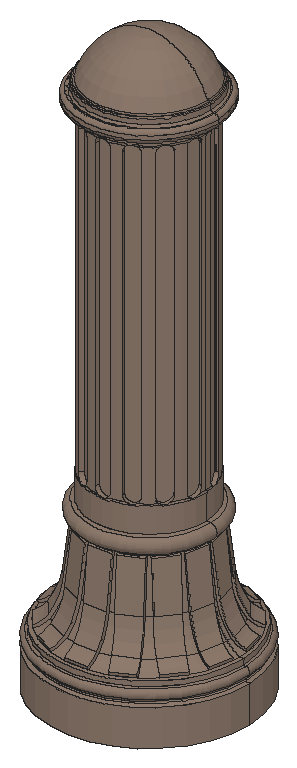
Revit family "BL0299", category Generic Models, Revit 2014
Parameters
  DETAILS = Bronze, Architectural
  CAP = Bronze, Architectural
  BODY = Bronze, Architectural
Reference planes (in)
  plane 1 "Center (Front/Back)": y = 0
  plane 2: z = 0
  plane 3 "Center (Left/Right)": x = 0
Forms (in)
  Revolve 1, solid, material "Bronze, Architectural" <- "BODY"
    sketch origin (0, 0, 0) x (1, 0, 0) y (0, 0, 1)
      loop
        line (0, 0.06638) -> (6.5, 0.06638) -> (6.5, 2.44138) -> (6.26535, 2.55871)
        arc (6.26535, 2.55871) -> (6.23194, 2.60306) -> (6.24694, 2.65652) r 0.0626
        line (6.24694, 2.65652) -> (6.42529, 2.85461)
        arc (6.42529, 2.85461) -> (6.48817, 3.15494) -> (6.28187, 3.38207) r 0.3375
        line (6.28187, 3.38207) -> (6.125, 3.44138) -> (6.125, 3.75388) -> (5.90697, 3.81033)
        arc (5.90697, 3.81033) -> (5.42323, 4.04749) -> (5.02599, 4.41143) r 1.89122
        arc (5.02599, 4.41143) -> (4.50081, 5.38664) -> (4.2068, 6.45453) r 4.92577
        line (4.2068, 6.45453) -> (3.8337, 9.75388) -> (3.8125, 9.94138) -> (3.9, 9.94138)
        arc (3.9, 9.94138) -> (4.37166, 10.36013) -> (4.01171, 10.87806) r 0.475
        line (4.01171, 10.87806) -> (3.75, 10.94138) -> (3.75, 12.56638)
        arc (3.75, 12.56638) -> (3.72506, 12.6204) -> (3.71652, 12.67928) r 0.2071
        line (3.71652, 12.67928) -> (3.71652, 33.32847)
        arc (3.71652, 33.32847) -> (3.72506, 33.38736) -> (3.75, 33.44138) r 0.2071
        line (3.75, 33.44138) -> (3.75, 33.94138) -> (0, 33.94138) -> (0, 0.06638)
      axis (0, 33.94138) -> (0, 0.06638)
    angle from 0 to 360
  Extrusion 2, void
    sketch origin (0, 0, 0) x (1, 0, 0) y (0, 0, 1)
      loop
        line (0.5, 13.06685) -> (0.5, 32.94185)
        arc (0.5, 32.94185) -> (0, 33.44185) -> (-0.5, 32.94185) r 0.5
        line (-0.5, 32.94185) -> (-0.5, 13.06685)
        arc (-0.5, 13.06685) -> (0, 12.56685) -> (0.5, 13.06685) r 0.5
    from 3.39308 to 6.5
  Extrusion 3, solid, material "Bronze, Architectural" <- "DETAILS"
    sketch origin (-0.00111, -0.07141, 0) x (0.000152, 1, 0) y (0, 0, 1)
      loop
        arc (5.94707, 3.995) -> (5.52428, 4.20602) -> (5.17571, 4.52504) r 1.70372
        arc (5.17571, 4.52504) -> (4.67418, 5.45854) -> (4.39265, 6.48016) r 4.73827
        line (4.39265, 6.48016) -> (4.02947, 9.69185) -> (3.8337, 9.75435) -> (4.20699, 6.45334)
        arc (4.20699, 6.45334) -> (4.50137, 5.38621) -> (5.02599, 4.41143) r 4.93973
        arc (5.02599, 4.41143) -> (5.42353, 4.04794) -> (5.90697, 3.81033) r 1.904
        line (5.90697, 3.81033) -> (5.94707, 3.995)
    from -0.74527 to 0.74746
  Extrusion 4, solid, material "Bronze, Architectural" <- "DETAILS"
    sketch origin (-0.03143, -0.06365, 0) x (0.433962, 0.900931, 0) y (0, 0, 1)
      loop
        arc (5.94707, 3.995) -> (5.52428, 4.20602) -> (5.17571, 4.52504) r 1.70372
        arc (5.17571, 4.52504) -> (4.67418, 5.45854) -> (4.39265, 6.48016) r 4.73827
        line (4.39265, 6.48016) -> (4.02947, 9.69185) -> (3.8337, 9.75435) -> (4.20699, 6.45334)
        arc (4.20699, 6.45334) -> (4.50137, 5.38621) -> (5.02599, 4.41143) r 4.93973
        arc (5.02599, 4.41143) -> (5.42353, 4.04794) -> (5.90697, 3.81033) r 1.904
        line (5.90697, 3.81033) -> (5.94707, 3.995)
    from -0.74527 to 0.74746
  Extrusion 5, solid, material "Bronze, Architectural" <- "DETAILS"
    sketch origin (-0.05538, -0.0435, 0) x (0.781869, 0.623442, 0) y (0, 0, 1)
      loop
        arc (5.94707, 3.995) -> (5.52428, 4.20602) -> (5.17571, 4.52504) r 1.70372
        arc (5.17571, 4.52504) -> (4.67418, 5.45854) -> (4.39265, 6.48016) r 4.73827
        line (4.39265, 6.48016) -> (4.02947, 9.69185) -> (3.8337, 9.75435) -> (4.20699, 6.45334)
        arc (4.20699, 6.45334) -> (4.50137, 5.38621) -> (5.02599, 4.41143) r 4.93973
        arc (5.02599, 4.41143) -> (5.42353, 4.04794) -> (5.90697, 3.81033) r 1.904
        line (5.90697, 3.81033) -> (5.94707, 3.995)
    from -0.74527 to 0.74746
  Extrusion 6, solid, material "Bronze, Architectural" <- "DETAILS"
    sketch origin (-0.06822, -0.01495, 0) x (0.974944, 0.222452, 0) y (0, 0, 1)
      loop
        arc (5.94707, 3.995) -> (5.52428, 4.20602) -> (5.17571, 4.52504) r 1.70372
        arc (5.17571, 4.52504) -> (4.67418, 5.45854) -> (4.39265, 6.48016) r 4.73827
        line (4.39265, 6.48016) -> (4.02947, 9.69185) -> (3.8337, 9.75435) -> (4.20699, 6.45334)
        arc (4.20699, 6.45334) -> (4.50137, 5.38621) -> (5.02599, 4.41143) r 4.93973
        arc (5.02599, 4.41143) -> (5.42353, 4.04794) -> (5.90697, 3.81033) r 1.904
        line (5.90697, 3.81033) -> (5.94707, 3.995)
    from -0.74527 to 0.74746
  Extrusion 7, solid, material "Bronze, Architectural" <- "DETAILS"
    sketch origin (-0.06741, 0.01634, 0) x (0.974901, -0.222639, 0) y (0, 0, 1)
      loop
        arc (5.94707, 3.995) -> (5.52428, 4.20602) -> (5.17571, 4.52504) r 1.70372
        arc (5.17571, 4.52504) -> (4.67418, 5.45854) -> (4.39265, 6.48016) r 4.73827
        line (4.39265, 6.48016) -> (4.02947, 9.69185) -> (3.8337, 9.75435) -> (4.20699, 6.45334)
        arc (4.20699, 6.45334) -> (4.50137, 5.38621) -> (5.02599, 4.41143) r 4.93973
        arc (5.02599, 4.41143) -> (5.42353, 4.04794) -> (5.90697, 3.81033) r 1.904
        line (5.90697, 3.81033) -> (5.94707, 3.995)
    from -0.74527 to 0.74746
  Extrusion 8, solid, material "Bronze, Architectural" <- "DETAILS"
    sketch origin (0.02958, -0.06525, 0) x (-0.433675, 0.901069, 0) y (0, 0, 1)
      loop
        arc (5.94707, 3.995) -> (5.52428, 4.20602) -> (5.17571, 4.52504) r 1.70372
        arc (5.17571, 4.52504) -> (4.67418, 5.45854) -> (4.39265, 6.48016) r 4.73827
        line (4.39265, 6.48016) -> (4.02947, 9.69185) -> (3.8337, 9.75435) -> (4.20699, 6.45334)
        arc (4.20699, 6.45334) -> (4.50137, 5.38621) -> (5.02599, 4.41143) r 4.93973
        arc (5.02599, 4.41143) -> (5.42353, 4.04794) -> (5.90697, 3.81033) r 1.904
        line (5.90697, 3.81033) -> (5.94707, 3.995)
    from -0.74527 to 0.74746
  Extrusion 9, solid, material "Bronze, Architectural" <- "DETAILS"
    sketch origin (0.05455, -0.04639, 0) x (-0.781634, 0.623737, 0) y (0, 0, 1)
      loop
        arc (5.94707, 3.995) -> (5.52428, 4.20602) -> (5.17571, 4.52504) r 1.70372
        arc (5.17571, 4.52504) -> (4.67418, 5.45854) -> (4.39265, 6.48016) r 4.73827
        line (4.39265, 6.48016) -> (4.02947, 9.69185) -> (3.8337, 9.75435) -> (4.20699, 6.45334)
        arc (4.20699, 6.45334) -> (4.50137, 5.38621) -> (5.02599, 4.41143) r 4.93973
        arc (5.02599, 4.41143) -> (5.42353, 4.04794) -> (5.90697, 3.81033) r 1.904
        line (5.90697, 3.81033) -> (5.94707, 3.995)
    from -0.74527 to 0.74746
  Extrusion 10, solid, material "Bronze, Architectural" <- "DETAILS"
    sketch origin (0.06887, -0.01856, 0) x (-0.97484, 0.222905, 0) y (0, 0, 1)
      loop
        arc (5.94707, 3.995) -> (5.52428, 4.20602) -> (5.17571, 4.52504) r 1.70372
        arc (5.17571, 4.52504) -> (4.67418, 5.45854) -> (4.39265, 6.48016) r 4.73827
        line (4.39265, 6.48016) -> (4.02947, 9.69185) -> (3.8337, 9.75435) -> (4.20699, 6.45334)
        arc (4.20699, 6.45334) -> (4.50137, 5.38621) -> (5.02599, 4.41143) r 4.93973
        arc (5.02599, 4.41143) -> (5.42353, 4.04794) -> (5.90697, 3.81033) r 1.904
        line (5.90697, 3.81033) -> (5.94707, 3.995)
    from -0.74527 to 0.74746
  Extrusion 11, solid, material "Bronze, Architectural" <- "DETAILS"
    sketch origin (0.0697, 0.01273, 0) x (-0.975026, -0.222089, 0) y (0, 0, 1)
      loop
        arc (5.94707, 3.995) -> (5.52428, 4.20602) -> (5.17571, 4.52504) r 1.70372
        arc (5.17571, 4.52504) -> (4.67418, 5.45854) -> (4.39265, 6.48016) r 4.73827
        line (4.39265, 6.48016) -> (4.02947, 9.69185) -> (3.8337, 9.75435) -> (4.20699, 6.45334)
        arc (4.20699, 6.45334) -> (4.50137, 5.38621) -> (5.02599, 4.41143) r 4.93973
        arc (5.02599, 4.41143) -> (5.42353, 4.04794) -> (5.90697, 3.81033) r 1.904
        line (5.90697, 3.81033) -> (5.94707, 3.995)
    from -0.74527 to 0.74746
  Extrusion 12, solid, material "Bronze, Architectural" <- "DETAILS"
    sketch origin (0.05689, 0.04125, 0) x (-0.782412, -0.622762, 0) y (0, 0, 1)
      loop
        arc (5.94707, 3.995) -> (5.52428, 4.20602) -> (5.17571, 4.52504) r 1.70372
        arc (5.17571, 4.52504) -> (4.67418, 5.45854) -> (4.39265, 6.48016) r 4.73827
        line (4.39265, 6.48016) -> (4.02947, 9.69185) -> (3.8337, 9.75435) -> (4.20699, 6.45334)
        arc (4.20699, 6.45334) -> (4.50137, 5.38621) -> (5.02599, 4.41143) r 4.93973
        arc (5.02599, 4.41143) -> (5.42353, 4.04794) -> (5.90697, 3.81033) r 1.904
        line (5.90697, 3.81033) -> (5.94707, 3.995)
    from -0.74527 to 0.74746
  Extrusion 13, solid, material "Bronze, Architectural" <- "DETAILS"
    sketch origin (0.03296, 0.06142, 0) x (-0.434846, -0.900505, 0) y (0, 0, 1)
      loop
        arc (5.94707, 3.995) -> (5.52428, 4.20602) -> (5.17571, 4.52504) r 1.70372
        arc (5.17571, 4.52504) -> (4.67418, 5.45854) -> (4.39265, 6.48016) r 4.73827
        line (4.39265, 6.48016) -> (4.02947, 9.69185) -> (3.8337, 9.75435) -> (4.20699, 6.45334)
        arc (4.20699, 6.45334) -> (4.50137, 5.38621) -> (5.02599, 4.41143) r 4.93973
        arc (5.02599, 4.41143) -> (5.42353, 4.04794) -> (5.90697, 3.81033) r 1.904
        line (5.90697, 3.81033) -> (5.94707, 3.995)
    from -0.74527 to 0.74746
  Extrusion 14, solid, material "Bronze, Architectural" <- "DETAILS"
    sketch origin (-0.05309, 0.04418, 0) x (0.781774, -0.623562, 0) y (0, 0, 1)
      loop
        arc (5.94707, 3.995) -> (5.52428, 4.20602) -> (5.17571, 4.52504) r 1.70372
        arc (5.17571, 4.52504) -> (4.67418, 5.45854) -> (4.39265, 6.48016) r 4.73827
        line (4.39265, 6.48016) -> (4.02947, 9.69185) -> (3.8337, 9.75435) -> (4.20699, 6.45334)
        arc (4.20699, 6.45334) -> (4.50137, 5.38621) -> (5.02599, 4.41143) r 4.93973
        arc (5.02599, 4.41143) -> (5.42353, 4.04794) -> (5.90697, 3.81033) r 1.904
        line (5.90697, 3.81033) -> (5.94707, 3.995)
    from -0.74527 to 0.74746
  Extrusion 15, solid, material "Bronze, Architectural" <- "DETAILS"
    sketch origin (-0.02811, 0.06305, 0) x (0.433722, -0.901047, 0) y (0, 0, 1)
      loop
        arc (5.94707, 3.995) -> (5.52428, 4.20602) -> (5.17571, 4.52504) r 1.70372
        arc (5.17571, 4.52504) -> (4.67418, 5.45854) -> (4.39265, 6.48016) r 4.73827
        line (4.39265, 6.48016) -> (4.02947, 9.69185) -> (3.8337, 9.75435) -> (4.20699, 6.45334)
        arc (4.20699, 6.45334) -> (4.50137, 5.38621) -> (5.02599, 4.41143) r 4.93973
        arc (5.02599, 4.41143) -> (5.42353, 4.04794) -> (5.90697, 3.81033) r 1.904
        line (5.90697, 3.81033) -> (5.94707, 3.995)
    from -0.74527 to 0.74746
  Extrusion 16, solid, material "Bronze, Architectural" <- "DETAILS"
    sketch origin (0.00262, 0.06921, 0) x (-0.000712, -1, 0) y (0, 0, 1)
      loop
        arc (5.94707, 3.995) -> (5.52428, 4.20602) -> (5.17571, 4.52504) r 1.70372
        arc (5.17571, 4.52504) -> (4.67418, 5.45854) -> (4.39265, 6.48016) r 4.73827
        line (4.39265, 6.48016) -> (4.02947, 9.69185) -> (3.8337, 9.75435) -> (4.20699, 6.45334)
        arc (4.20699, 6.45334) -> (4.50137, 5.38621) -> (5.02599, 4.41143) r 4.93973
        arc (5.02599, 4.41143) -> (5.42353, 4.04794) -> (5.90697, 3.81033) r 1.904
        line (5.90697, 3.81033) -> (5.94707, 3.995)
    from -0.74527 to 0.74746
  Revolve 17, solid, material "Bronze, Architectural" <- "CAP"
    sketch origin (0, 0, -5.9318) x (1, 0, 0) y (0, 0, 1)
      loop
        line (0, 39.87377) -> (4.25, 39.87377)
        arc (4.25, 39.87377) -> (4.42678, 39.947) -> (4.5, 40.12377) r 0.25
        line (4.5, 40.12377) -> (4.5, 40.37377)
        arc (4.5, 40.37377) -> (4.42678, 40.55055) -> (4.25, 40.62377) r 0.25
        line (4.25, 40.62377) -> (4.125, 40.62377)
        arc (4.125, 40.62377) -> (4.03661, 40.66039) -> (4, 40.74877) r 0.125
        line (4, 40.74877) -> (4, 41.07377)
        arc (4, 41.07377) -> (3.98536, 41.10913) -> (3.95, 41.12377) r 0.05
        arc (3.95, 41.12377) -> (3.90493, 41.13742) -> (3.875, 41.17377) r 0.08125
        arc (3.875, 41.17377) -> (3.86116, 41.22578) -> (3.8125, 41.24877) r 0.06391
        arc (3.8125, 41.24877) -> (2.32614, 43.21207) -> (0, 44.0201) r 4.24565
        line (0, 44.0201) -> (0, 39.87377)
      axis (0, 39.87377) -> (0, 44.0201)
    angle from 0 to 360
  Extrusion 18, void
    sketch origin (0, 0, 0) x (0.900969, -0.433884, 0) y (0, 0, 1)
      loop
        line (0.5, 13.06685) -> (0.5, 32.94185)
        arc (0.5, 32.94185) -> (0, 33.44185) -> (-0.5, 32.94185) r 0.5
        line (-0.5, 32.94185) -> (-0.5, 13.06685)
        arc (-0.5, 13.06685) -> (0, 12.56685) -> (0.5, 13.06685) r 0.5
    from 3.39308 to 6.5
  Extrusion 19, void
    sketch origin (0, 0, 0) x (0.62349, -0.781831, 0) y (0, 0, 1)
      loop
        line (0.5, 13.06685) -> (0.5, 32.94185)
        arc (0.5, 32.94185) -> (0, 33.44185) -> (-0.5, 32.94185) r 0.5
        line (-0.5, 32.94185) -> (-0.5, 13.06685)
        arc (-0.5, 13.06685) -> (0, 12.56685) -> (0.5, 13.06685) r 0.5
    from 3.39308 to 6.5
  Extrusion 20, void
    sketch origin (0, 0, 0) x (0.222521, -0.974928, 0) y (0, 0, 1)
      loop
        line (0.5, 13.06685) -> (0.5, 32.94185)
        arc (0.5, 32.94185) -> (0, 33.44185) -> (-0.5, 32.94185) r 0.5
        line (-0.5, 32.94185) -> (-0.5, 13.06685)
        arc (-0.5, 13.06685) -> (0, 12.56685) -> (0.5, 13.06685) r 0.5
    from 3.39308 to 6.5
  Extrusion 21, void
    sketch origin (0, 0, 0) x (0.900969, 0.433884, 0) y (0, 0, 1)
      loop
        line (0.5, 13.06685) -> (0.5, 32.94185)
        arc (0.5, 32.94185) -> (0, 33.44185) -> (-0.5, 32.94185) r 0.5
        line (-0.5, 32.94185) -> (-0.5, 13.06685)
        arc (-0.5, 13.06685) -> (0, 12.56685) -> (0.5, 13.06685) r 0.5
    from 3.39308 to 6.5
  Extrusion 22, void
    sketch origin (0, 0, 0) x (0.62349, 0.781831, 0) y (0, 0, 1)
      loop
        line (0.5, 13.06685) -> (0.5, 32.94185)
        arc (0.5, 32.94185) -> (0, 33.44185) -> (-0.5, 32.94185) r 0.5
        line (-0.5, 32.94185) -> (-0.5, 13.06685)
        arc (-0.5, 13.06685) -> (0, 12.56685) -> (0.5, 13.06685) r 0.5
    from 3.39308 to 6.5
  Extrusion 23, void
    sketch origin (0, 0, 0) x (0.222521, 0.974928, 0) y (0, 0, 1)
      loop
        line (0.5, 13.06685) -> (0.5, 32.94185)
        arc (0.5, 32.94185) -> (0, 33.44185) -> (-0.5, 32.94185) r 0.5
        line (-0.5, 32.94185) -> (-0.5, 13.06685)
        arc (-0.5, 13.06685) -> (0, 12.56685) -> (0.5, 13.06685) r 0.5
    from 3.39308 to 6.5
  Extrusion 24, void
    sketch origin (0, 0, 0) x (-0.222521, 0.974928, 0) y (0, 0, 1)
      loop
        line (0.5, 13.06685) -> (0.5, 32.94185)
        arc (0.5, 32.94185) -> (0, 33.44185) -> (-0.5, 32.94185) r 0.5
        line (-0.5, 32.94185) -> (-0.5, 13.06685)
        arc (-0.5, 13.06685) -> (0, 12.56685) -> (0.5, 13.06685) r 0.5
    from 3.39308 to 6.5
  Extrusion 25, void
    sketch origin (0, 0, 0) x (-0.222521, -0.974928, 0) y (0, 0, 1)
      loop
        line (0.5, 13.06685) -> (0.5, 32.94185)
        arc (0.5, 32.94185) -> (0, 33.44185) -> (-0.5, 32.94185) r 0.5
        line (-0.5, 32.94185) -> (-0.5, 13.06685)
        arc (-0.5, 13.06685) -> (0, 12.56685) -> (0.5, 13.06685) r 0.5
    from 3.39308 to 6.5
  Extrusion 26, void
    sketch origin (0, 0, 0) x (-0.62349, -0.781831, 0) y (0, 0, 1)
      loop
        line (0.5, 13.06685) -> (0.5, 32.94185)
        arc (0.5, 32.94185) -> (0, 33.44185) -> (-0.5, 32.94185) r 0.5
        line (-0.5, 32.94185) -> (-0.5, 13.06685)
        arc (-0.5, 13.06685) -> (0, 12.56685) -> (0.5, 13.06685) r 0.5
    from 3.39308 to 6.5
  Extrusion 27, void
    sketch origin (0, 0, 0) x (-0.62349, 0.781831, 0) y (0, 0, 1)
      loop
        line (0.5, 13.06685) -> (0.5, 32.94185)
        arc (0.5, 32.94185) -> (0, 33.44185) -> (-0.5, 32.94185) r 0.5
        line (-0.5, 32.94185) -> (-0.5, 13.06685)
        arc (-0.5, 13.06685) -> (0, 12.56685) -> (0.5, 13.06685) r 0.5
    from 3.39308 to 6.5
  Extrusion 28, void
    sketch origin (0, 0, 0) x (-0.900969, 0.433884, 0) y (0, 0, 1)
      loop
        line (0.5, 13.06685) -> (0.5, 32.94185)
        arc (0.5, 32.94185) -> (0, 33.44185) -> (-0.5, 32.94185) r 0.5
        line (-0.5, 32.94185) -> (-0.5, 13.06685)
        arc (-0.5, 13.06685) -> (0, 12.56685) -> (0.5, 13.06685) r 0.5
    from 3.39308 to 6.5
  Extrusion 29, void
    sketch origin (0, 0, 0) x (-0.900969, -0.433884, 0) y (0, 0, 1)
      loop
        line (0.5, 13.06685) -> (0.5, 32.94185)
        arc (0.5, 32.94185) -> (0, 33.44185) -> (-0.5, 32.94185) r 0.5
        line (-0.5, 32.94185) -> (-0.5, 13.06685)
        arc (-0.5, 13.06685) -> (0, 12.56685) -> (0.5, 13.06685) r 0.5
    from 3.39308 to 6.5
  Extrusion 30, void
    sketch origin (0, 0, 0) x (-1, 0, 0) y (0, 0, 1)
      loop
        line (0.5, 13.06685) -> (0.5, 32.94185)
        arc (0.5, 32.94185) -> (0, 33.44185) -> (-0.5, 32.94185) r 0.5
        line (-0.5, 32.94185) -> (-0.5, 13.06685)
        arc (-0.5, 13.06685) -> (0, 12.56685) -> (0.5, 13.06685) r 0.5
    from 3.39308 to 6.5
Cuts and joins
  Extrusion 2, Extrusion 18, Extrusion 19, Extrusion 20, Extrusion 21, Extrusion 22, Extrusion 23, Extrusion 24, Extrusion 25, Extrusion 26, Extrusion 27, Extrusion 28, Extrusion 29, Extrusion 30 cuts Revolve 1
Lines and regions (in)
  model lines
    curve 1: line (6.5, 1.48358, 0) -> (5.2126, 4.15691, 0)
    curve 2: line (5.2126, 4.15691, 0) -> (2.89277, 6.0069, 0)
    curve 3: line (2.89277, 6.0069, 0) -> (0, 6.66716, 0)
    curve 4: line (0, 6.66716, 0) -> (-2.89277, 6.0069, 0)
    curve 5: line (-2.89277, 6.0069, 0) -> (-5.2126, 4.15691, 0)
    curve 6: line (-5.2126, 4.15691, 0) -> (-6.5, 1.48358, 0)
    curve 7: line (-6.5, 1.48358, 0) -> (-6.5, -1.48358, 0)
    curve 8: line (-6.5, -1.48358, 0) -> (-5.2126, -4.15691, 0)
    curve 9: line (-5.2126, -4.15691, 0) -> (-2.89277, -6.0069, 0)
    curve 10: line (-2.89277, -6.0069, 0) -> (0, -6.66716, 0)
    curve 11: line (0, -6.66716, 0) -> (2.89277, -6.0069, 0)
    curve 12: line (2.89277, -6.0069, 0) -> (5.2126, -4.15691, 0)
    curve 13: line (5.2126, -4.15691, 0) -> (6.5, -1.48358, 0)
    curve 14: line (6.5, -1.48358, 0) -> (6.5, 1.48358, 0)
Dimensions and locks (in)
  aligned and locked: plane 2 to level
